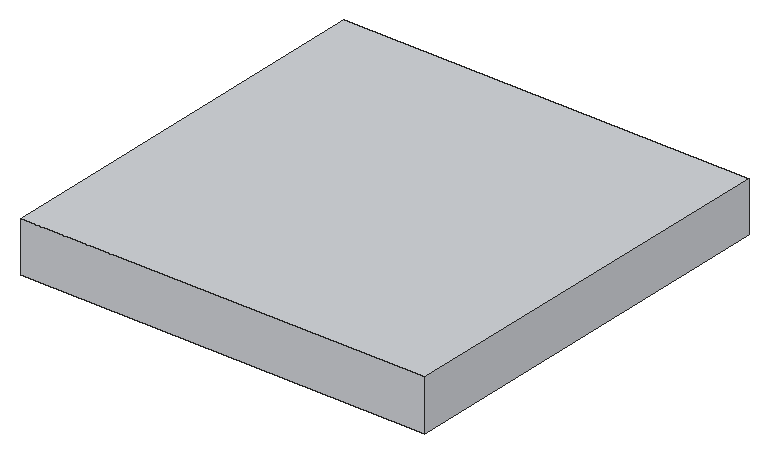
Revit family "EP-0356-14-00", category Luminarias, Revit 2017
Family settings
  Anfitrión = Cara
  Cota de conector redondo = Diámetro de uso
  Tipo de pieza = Normal
  Número OmniClass = 23.80.70.00
  Título OmniClass = Lighting
  Corte con vacíos al cargar = No
  Origen de luz = No
  Compartido = Sí
  Punto de cálculo de habitación = No
Parameters (values of type "EP-0356-14-00")
  Versión = "v1"
  Vatios (W) = 2.2
  Tipo de regulación = ""
  Tipo = "Señalizacion"
  Tender text (English) = "LEDS C4\nSign\nEP-0356-14-00V1\n\nSignal lighting/light for indoor use. \n\nFor frontal lighting and downlighting. Structure material: Aluminium. Structure finish: White. Warranty: 5 Years.\n\nProduct net weight (Kg): 0.270\nProduct length (mm): 90\nProduct width or diameter (mm): 90\nProduct height (mm): 62\nØ of the hole for recessing (mm): 80x120\n\nClass 3. Luminaire not suitable for coating with insulation materials. IP: IP20. LED. No. of lampholders or LEDs: 1. LED brand: CREE. Maximum power of light source: 2.2W. Colour temperature: LED warm-white 3000K. Colour rendering index: 80. MacAdam Steps: 3. Maximum diameter of luminaire bulb: 50.000h L80B20. UGR: 0.9. Photobiological risk: RG2. Real flux (lm): 80. Nominal flux (lm): 170. Lm/Real W: 36. Voltage: 3. Gear included: No, but it is needed. Total power: 2.2."
  Tender text (Castellano) = "LEDS C4\nSign\nEP-0356-14-00V1\n\nLuminaria de señalización de uso interior para iluminar frontalmente y hacia abajo. \nMaterial estructura: Aluminio. Acabado estructura: Blanco. Garantía: 5 Años.\n\nPeso neto del producto (Kg): 0.270\nLongitud del producto (mm): 90\nAnchura o diámetro del producto (mm): 90\nAltura del producto (mm): 62\nØ del agujero para empotrar (mm): 80x120\n\nClase 3. Luminaria no apta para ser recubierta con materiales aislantes. IP: IP20. LED. Nº de portalámparas o Leds: 1. Marca del LED: CREE. Potencia máxima de la fuente de luz: 2.2W. Temperatura de color: Blanco cálido - 3000K. Índice de reproducción cromática: 80. Steps Mac Adam: 3. Diámetro máximo de la bombilla que admite la luminaria: 50.000h L80B20. UGR: 0.9. Riesgo fotobiológico: RG2. Flujo real (lm): 80. Flujo nominal (lm): 170. Lm/W reales: 36. Voltaje: 3. Equipo incluido: No, pero lo necesita. Potencia total: 2.2."
  Temperatura color led (K) = "Blanco cálido - 3000K"
  Referencia = "EP-0356-14-00"
  Rayo de luz = ""
  Producto descatalogado = "Catalogado ES"
  Pluma comercial = "http://files.leds-c4.com/pl/EP-0356-14-00V1.html"
  Peso neto (KG) = 0.27
  Material = "Aluminio"
  Lumenes reales (lm) = 80
  LDT = "http://files.leds-c4.com/ldt/EP-0356-14-00V1.html"
  Imagen web = "http://files.leds-c4.com/main-photo/EP-0356-14-00V1"
  IfcExportType = "NOTDEFINED"
  IfcExportAs = "IfcLightFixture\r\nIfcLightFixture"
  IP = "IP20"
  IMC = "http://files.leds-c4.com/imc/EP-0356-14-00V1.html"
  IK = ""
  Fuente de luz = "1xLED 2.2 170.00 lm"
  Fotometría = "http://files.leds-c4.com/fm/EP-0356-14-00V1.html"
  Ficha = "http://files.leds-c4.com/ft/es/EP-0356-14-00V1.html"
  FechaVersion = "Julio 2020"
  Familia = "Sign"
  Fabricante = "LEDS C4"
  Etiqueta V/f = "max. 700mA"
  Elevación por defecto = 1000 mm
  Eficiencia energética = "LED A++"
  EAN13 = "8435381454869"
  DescripcionUniformat2010 = "Lighting"
  DescripcionUniclass2015 = "Lighting"
  DescripcionOmniclass = "Lighting"
  DescripcionGubimclass = "Iluminación interior"
  CodigoUniformat2010 = "D5040"
  CodigoUniclass2015 = "EF_70_80"
  CodigoOmniclass = "21-04 50 40"
  CodigoGubimclass = "50.60.50.20"
  Catálogo = "Technical"
  Carga aparente = 0 VA
  CRI = 80
  Acabado = "Blanco"
Types (2, lengths in mm): name | Lumenes reales (lm) | CRI
  (no name) | 0 | 0
  EP-0356-14-00 | 80 | 80
Values of the unnamed type that differ from the named types
  Vatios (W) = 0
  Tipo = ""
  Tender text (English) = ""
  Tender text (Castellano) = ""
  Temperatura color led (K) = ""
  Referencia = ""
  Producto descatalogado = ""
  Pluma comercial = ""
  Peso neto (KG) = 0
  Material = ""
  LDT = ""
  Imagen web = ""
  IP = ""
  IMC = ""
  Fuente de luz = ""
  Fotometría = ""
  Ficha = ""
  Familia = ""
  Etiqueta V/f = ""
  Eficiencia energética = ""
  EAN13 = ""
  Catálogo = ""
  Acabado = ""
Reference planes
  plane 1 "Centro (Frontal/Posterior)": y = 0
  plane 2: z = 0
  plane 3 "Centro (Izquierda/Derecha)": x = 0
  plane 4 "Elevación de origen de luz": z = 0
  plane 5 "Eje de origen de luz (F/P)": y = 0
  plane 6 "Eje de origen de luz (I/D)": x = 0
Forms (mm)
  Extrusion 1, solid
    sketch origin (0, 0, 0) x (1, 0, 0) y (0, 1, 0)
      loop
        line (-1219.2, 1219.2) -> (-1219.2, -1219.2) -> (1219.2, -1219.2) -> (1219.2, 1219.2) -> (-1219.2, 1219.2)
    from 0 to -304.8
Dimensions and locks
  aligned and locked: plane 2 to Extrusion 1
  aligned and locked: level to Extrusion 1
Nested families
  nested 1: "Luz anidada" at (33.658, 0, 30.434), type "Tipo1"
Connectors
  electrical at (0, 0, 0)
    settings: on Extrusion 1, index 1, voltage 0 V, apparent load 0 VA, apparent load phase1 0 VA, apparent load phase2 0 VA, apparent load phase3 0 VA, power factor 1, load classification "Otro", number of poles 1, system type 31, power factor state 1, is connector primary yes, connector utility no, sub classification motor no, connector description ""
Definition of nested family "Luz anidada"
  Parameters (values of type "Tipo1")
    Tilt Angle = 24.9688°
    Wattage = 2.2 W
    Tipo de regulación = ""
    Tipo = ""
    Tender text = ""
    built-in parameter 1150110 = 1 (stored number, unit not read)
    Pluma comercial = ""
    Material = ""
    Imagen = ""
    IP = ""
    IMC = ""
    IK = ""
    Fotometría = ""
    Ficha = ""
    Familia = ""
    Estado en catálogo = ""
    Peso neto = ""
    Lamp = ""
    built-in parameter 1114217 = 1 (stored number, unit not read)
    built-in parameter 1150109 = 1 (stored number, unit not read)
    Etiqueta vf = ""
    Eficiencia energética = ""
    EAN13 = ""
    built-in parameter 1150134 = (empty or 0)
    built-in parameter 1150113 = 1 (stored number, unit not read)
    Lumens = 2391 lm
    built-in parameter 1150115 = 1 (stored number, unit not read)
    built-in parameter 1150105 = 109.82 (stored number, unit not read)
    built-in parameter 1150137 = (empty or 0)
    built-in parameter 1150139 = (empty or 0)
    built-in parameter 1150112 = 1 (stored number, unit not read)
    built-in parameter 1150114 = 1 (stored number, unit not read)
    built-in parameter 1150132 = (empty or 0)
    built-in parameter 1150102 = (empty or 0)
    built-in parameter 1150138 = (empty or 0)
    built-in parameter 1150107 = 3000 (stored number, unit not read)
    built-in parameter 1150106 = 1.0982 (stored number, unit not read)
    built-in parameter 1150104 = 3.3783 (stored number, unit not read)
    Catálogo = ""
    Dimming Lamp Color Temperature Shift = (empty or 0)
    Color Filter = 16777215
    built-in parameter 1114218 = 1 (stored number, unit not read)
    CRI = 0
    Photometric Web File = "EP-0356-14-00.ies"
    Acabado = ""
    built-in parameter 1150133 = 10 (stored number, unit not read)
  Types (2, lengths in mm): name | Tilt Angle
    (no name) | 45.9321°
    Tipo1 | 24.9688°
  Values of the unnamed type that differ from the named types
    Wattage = 1 W
    built-in parameter 1150104 = 3.9948 (stored number, unit not read)
  Reference planes
    plane 1 "Eje de origen de luz (F/P)": y = 0
    plane 2: z = 0
    plane 3 "Eje de origen de luz (I/D)": x = 0
    plane 4 "Elevación de origen de luz": z = 0
  Dimensions and locks
    aligned and locked: plane 3 "Eje de origen de luz (I/D)" to imposter light
    aligned and locked: plane 1 "Eje de origen de luz (F/P)" to imposter light
    aligned and locked: plane 4 "Elevación de origen de luz" to imposter light
    aligned and locked: level to plane 2
